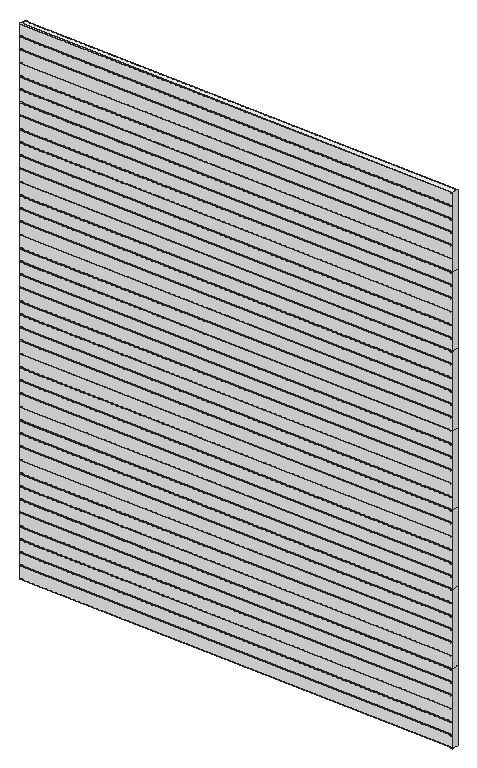
Revit family
Parameters (values of type "By Type")
  Windload = "Doors available rated for various design pressures; consult Clopay for avaialbility and specifications"
  VisSection6 = NumSections = 6  # no
  VisSection5 = NumSections > 4  # yes
  VisSection4 = NumSections > 3  # yes
  VisSection3 = NumSections > 2  # yes
  VisArray = NumSections > 6  # yes
  URL = "www.clopaydoor.com"
  Track = "Galvanized steel (gauge varies according to door size)"
  Thickness = 0' - 2"  # constant formula
  Spec Wizard = "http://www.arcat.com/specwizard/08360clo/index.htm"
  Section Height = Height / NumSections  # 2' - 0"
  Sales Information = "http://www.clopaydoor.com/where-to-buy.aspx?type=dealer"
  Rough Width = 0' - 0"  # constant formula
  Rough Height = 0' - 0"  # constant formula
  R-Value = "17.2"
  Product Features and Benefits = "http://www.clopaydoor.com/insulated-polyurethane-applications.aspx"
  Overlapping Jamb = yes
  Overlap = if(Overlapping Jamb, 0' 1", 0' 0")  # 0' - 1"
  Opening Width = 12' - 0"
  Opening Height = 14' - 0"
  Omniclass Table = "23-30 10 17 37 "
  NumSectionsNotRounded = Height / 2' 0"  # 7
  NumSections = NumSectionsNotRounded + 0.4999  # 7
  NumArraySections = if(NumSections > 6, NumSections - 5, 2)  # 2
  Model = "3720"
  Maximum Size = "Maximum 32' 2'' wide by 26' 0'' high. Additional limitations may apply do to door weight. Consult Clopay for specificiations and shop drawings."  # constant formula
  Manufacturer Website = "http://www.clopaydoor.com"
  Manufacturer Phone Number = "1-800-526-4301"
  Manufacturer Address = "1400 W. Market St., Troy, OH 45373"
  Manufacturer = "Clopay Building Products Company"
  LEED = "http://products.construction.com/swts_content_files/151607/303186.pdf"
  Keynote = "08 36 13"
  Interior Steel = "28 ga. galvanized, primed, and finish painted"
  Hardware = "14 ga. min. steel hinges; 10-ball steel rollers"
  GreenFormat = "http://www.greenformat.com/products/1536-Polyurethane%20Insulated%20Doors.rtf"
  Function = (empty or 0)
  Height = Opening Height + Rough Width * 0  # 14' - 0"
  Wall Closure = (empty or 0)
  Width = Opening Width + Rough Width * 0  # 12' - 0"
  FloorToSection7 = 6 * Section Height  # 12' - 0"
  FloorToSection6 = 5 * Section Height  # 10' - 0"
  FloorToSection5 = 4 * Section Height  # 8' - 0"
  FloorToSection4 = 3 * Section Height  # 6' - 0"
  FloorToSection3 = 2 * Section Height  # 4' - 0"
  FloorToSection2 = Section Height  # 2' - 0"
  File Revision = "02 (August, 2012)"
  Exterior Steel = "27 ga. galvanized, primed, and finish painted"
  Double End Stiles = Door Width > 14' 2"  # no
  Door Width = Opening Width + Overlap * 2  # 12' - 2"
  Door Height = Opening Height + Rough Width * 0  # 14' - 0"
  Description = "2'' thick polyurethane insulated, stucco embossed 27 gauge steel exterior with light ribbed pattern."
  Core Material = "Expanded polyurethane"
  Copyright = "2010, Clopay Building Products Company, Inc."
  Color = White
  CAD and Specifications = "http://www.clopaydoor.com/insulated-polyurethane-specs.aspx"
  Assembly Code = "B2030410"
Reference planes (in)
  plane 1 "Center (Front/Back)": y = 0
  plane 2 "Center (Left/Right)": x = 0
  plane 3 "Left": x = -72
  plane 4 "Right": x = 72
  plane 5 "Top": z = 168
  plane 6 "Exterior": y = 3
  plane 7 "Interior": y = -3
  plane 8: z = 120
  plane 9: z = 144
Lines and regions (in)
  Opening 1
    outline origin (-90, -3, 0) x (1, 0, 0) y (0, 0, 1)
      loop
        line (18, 0) -> (162, 0) -> (162, 168) -> (18, 168) -> (18, 0)
Text (in)
  text "Exterior" at (-74.96733, 27.31104, 0), in view "Ref. Level"
  text "Interior" at (-74.96733, -25.14366, 0), in view "Ref. Level"
  text "Exterior" at (0, 40.15149, 123.01588), in view "Right"
  text "Interior" at (0, -64.39139, 123.01588), in view "Right"
  text "Interior" at (0, -31.01599, 123.00693), in view "Left"
  text "Exterior" at (0, 54.57065, 123.00693), in view "Left"
Dimensions and locks (in)
  equal spacing: plane 3 "Left", plane 2 "Center (Left/Right)", plane 4 "Right"
  "Height": level to plane 5 "Top"
  "Width": plane 3 "Left" to plane 4 "Right"
  host wall to plane 5 "Top" = 14' - 0"
  nested 1 to plane 7 "Interior" = 0' - 0 1/2"
  "FloorToSection6": plane 8 to level
  "FloorToSection7": plane 9 to level
  group 1 to group 2 = 0' - 0"  (x2)
  group 1 to group 2 = 2' - 0"
  host wall to host wall = 67' - 6"
  aligned and locked: plane 3 "Left" to Opening 1 sketch curve
  aligned and locked: plane 5 "Top" to Opening 1 sketch curve  (x2)
  aligned and locked: Opening 1 sketch curve to plane 4 "Right"
  aligned and locked: Opening 1 sketch curve to level
  aligned and locked: plane 6 "Exterior" to host wall
  aligned and locked: host wall to plane 7 "Interior"
  aligned and locked: plane 2 "Center (Left/Right)" to nested 2
  aligned and locked: plane 2 "Center (Left/Right)" to nested 3
  aligned and locked: plane 2 "Center (Left/Right)" to nested 4
  aligned and locked: plane 2 "Center (Left/Right)" to nested 5
  aligned and locked: plane 2 "Center (Left/Right)" to nested 7
  aligned and locked: nested 7 to plane 8
  aligned and locked: nested 8 to plane 9
  aligned and locked: plane 7 "Interior" to nested 2
  aligned and locked: plane 7 "Interior" to nested 7
  aligned and locked: host wall to nested 8
  aligned and locked: plane 7 "Interior" to nested 3
  aligned and locked: host wall to nested 3
  aligned and locked: plane 7 "Interior" to nested 1
  aligned and locked: nested 2 to host wall
  aligned and locked: plane 7 "Interior" to nested 6
  aligned and locked: plane 7 "Interior" to nested 5
  aligned and locked: host wall to nested 7
  aligned and locked: plane 7 "Interior" to nested 4
Nested families (in)
  nested 1: "Section" at (0, 0, 0), type "Solid"
  nested 2: "Section" at (0, 0, 24), built-in parameter 1001364 <- "Section Height", type "Solid"
  nested 3: "Section" at (0, 0, 48), built-in parameter 1001364 <- "FloorToSection3", visible <- "VisSection3", type "Solid"
  nested 4: "Section" at (0, 0, 120), built-in parameter 1001364 <- "FloorToSection6", visible <- "VisSection6", type "Solid"
  nested 5: "Section" at (0, 0, 96), built-in parameter 1001364 <- "FloorToSection5", visible <- "VisSection5", type "Solid"
  nested 6: "Section" at (0, 0, 72), built-in parameter 1001364 <- "FloorToSection4", visible <- "VisSection4", type "Solid"
  nested 7: "Section" at (0, 0, 120), visible <- "VisArray", type "Solid"
  nested 8: "Section" at (0, 0, 144), visible <- "VisArray", type "Solid"
Definition of nested family "Section"
  Parameters (values of type "Solid")
    X9 = if(if(NumArrayedWindows < NumWindows, NumArrayedWindows + 1, NumWindows) < 9, X1, X8 + 3' 8")  # 1' - 5 1/2"
    X8 = if(if(NumArrayedWindows < NumWindows, NumArrayedWindows + 1, NumWindows) < 8, X1, X7 + 3' 8")  # 1' - 5 1/2"
    X7 = if(if(NumArrayedWindows < NumWindows, NumArrayedWindows + 1, NumWindows) < 7, X1, X6 + 3' 8")  # 1' - 5 1/2"
    X6 = if(if(NumArrayedWindows < NumWindows, NumArrayedWindows + 1, NumWindows) < 6, X1, X5 + 3' 8")  # 1' - 5 1/2"
    X5 = if(if(NumArrayedWindows < NumWindows, NumArrayedWindows + 1, NumWindows) < 5, X1, X4 + 3' 8")  # 1' - 5 1/2"
    X4 = if(if(NumArrayedWindows < NumWindows, NumArrayedWindows + 1, NumWindows) < 4, X1, X3 + 3' 8")  # 1' - 5 1/2"
    X3 = if(NumWindows < 3, X1, X2 + 3' 8")  # 8' - 9 1/2"
    X2 = if(NumWindows < 2, ((Door Width - (NumWindows - 1) * 3' 8") / 2 - Cutout Width / 2), ((Door Width - (NumWindows - 1) * 3' 8") / 2 - Cutout Width / 2) + 3' 8")  # 5' - 1 1/2"
    WindowVis = no
    WindowCutDepth = -0' - 0 13/128"
    Section Height = 2' - 0"
    RibSpacing = Section Height / (NumRibs + 1)  # 0' - 4"
    NumWindows = if(Door Width < 9' 4", 2, if(Door Width < 13' 4", 3, if(Door Width < 16' 4", 4, if(Door Width < 20' 4", 5, if(Door Width < 24' 4", 6, if(Door Width < 26' 4", 7, if(Door Width < 31' 8", 8, 10)))))))  # 3
    NumRibs = if(Section Height < 1' 9", 3, if(Section Height < 2' 0", 4, 5))  # 5
    NumArrayedWindows = if(X2 = X1, NumWindows - 2, NumWindows)  # 3
    Half Section Height = Section Height / 2  # 1' - 0"
    Half Door Width Neg = -Half Door Width  # -6' - 1"
    Half Door Width = Door Width / 2  # 6' - 1"
    Half Cutout Height = Cutout Height / 2  # 0' - 3 1/2"
    Function = (empty or 0)
    Height = 0' - 0"
    Wall Closure = (empty or 0)
    Width = 0' - 0"
    X1 = if(or(Door Width > 31' 6", and(Door Width > 26' 2", Door Width < 28' 1"), Door Width = 24' 3", Door Width = 24' 4", and(Door Width > 20' 2", Door Width < 20' 11"), and(Door Width > 16' 2", Door Width < 17' 3")), X2, (Door Width - (NumWindows - 1) * 3' 8") / 2 - Cutout Width / 2)  # 1' - 5 1/2"
    Door Width = 12' - 2"
    CutoutToCutout = 1' - 0"
    Cutout Width = 1' - 11"
    Cutout Height = 0' - 7"
    Color = White
    BtmTo1stRib = RibSpacing  # 0' - 4"
    Assembly Code = ""
  Reference planes (in)
    plane 1 "Center (Front/Back)": y = 0
    plane 2 "Center (Left/Right)": x = 0
    plane 3 "Exterior": y = 3
    plane 4 "Interior": y = -3
    plane 5: y = -3.5
    plane 6: x = 73
    plane 7: x = -73
    plane 8: z = 4
    plane 9: z = 8
    plane 10: z = 24
    plane 11: z = 12
    plane 12: z = 0
  Forms (in)
    Extrusion 1, solid, material "White" <- "Color"
      sketch origin (-73, -12, 83.08252) x (0, 0, 1) y (0, -1, 0)
        loop
          line (-59.08252, -8.37573) -> (-59.08252, -6.62444)
          arc (-59.08252, -6.62444) -> (-59.11897, -6.53645) -> (-59.20696, -6.5) r 0.12444
          line (-59.20696, -6.5) -> (-82.95809, -6.5)
          arc (-82.95809, -6.5) -> (-83.04608, -6.53645) -> (-83.08252, -6.62444) r 0.12444
          line (-83.08252, -6.62444) -> (-83.08252, -8.37573)
          arc (-83.08252, -8.37573) -> (-83.04612, -8.4636) -> (-82.95825, -8.5) r 0.12427
          line (-82.95825, -8.5) -> (-59.20679, -8.5)
          arc (-59.20679, -8.5) -> (-59.11892, -8.4636) -> (-59.08252, -8.37573) r 0.12427
      from 0 to 146 <- "Door Width"
    Extrusion 2, void
      sketch origin (0, 0, -0.5) x (0, -1, 0) y (0, 0, 1)
        loop
          line (3.5, 4.62727) -> (3.5, 4.37273) -> (3.53032, 4.41942)
          arc (3.53032, 4.41942) -> (3.53753, 4.43506) -> (3.54, 4.4521) r 0.06
          line (3.54, 4.4521) -> (3.54, 4.5479)
          arc (3.54, 4.5479) -> (3.53753, 4.56494) -> (3.53032, 4.58058) r 0.06
          line (3.53032, 4.58058) -> (3.5, 4.62727)
      from -73 <- "Half Door Width Neg" to 146 <- "Door Width"
    Extrusion 3, void
      sketch origin (0, 0, 3.5) x (0, -1, 0) y (0, 0, 1)
        loop
          line (3.5, 4.62727) -> (3.5, 4.37273) -> (3.53032, 4.41942)
          arc (3.53032, 4.41942) -> (3.53753, 4.43506) -> (3.54, 4.4521) r 0.06
          line (3.54, 4.4521) -> (3.54, 4.5479)
          arc (3.54, 4.5479) -> (3.53753, 4.56494) -> (3.53032, 4.58058) r 0.06
          line (3.53032, 4.58058) -> (3.5, 4.62727)
      from -73 <- "Half Door Width Neg" to 146 <- "Door Width"
    Extrusion 4, void
      sketch origin (0, 0, 7.5) x (0, -1, 0) y (0, 0, 1)
        loop
          line (3.5, 4.62727) -> (3.5, 4.37273) -> (3.53032, 4.41942)
          arc (3.53032, 4.41942) -> (3.53753, 4.43506) -> (3.54, 4.4521) r 0.06
          line (3.54, 4.4521) -> (3.54, 4.5479)
          arc (3.54, 4.5479) -> (3.53753, 4.56494) -> (3.53032, 4.58058) r 0.06
          line (3.53032, 4.58058) -> (3.5, 4.62727)
      from -73 <- "Half Door Width Neg" to 146 <- "Door Width"
    Extrusion 5, void
      sketch origin (0, -8.99984, -0.5) x (0, 1, 0) y (0, 0, -1)
        loop
          line (3.5, -4.62727) -> (3.53032, -4.58058)
          arc (3.53032, -4.58058) -> (3.53753, -4.56494) -> (3.54, -4.5479) r 0.06
          line (3.54, -4.5479) -> (3.54, -4.4521)
          arc (3.54, -4.4521) -> (3.53753, -4.43506) -> (3.53032, -4.41942) r 0.06
          line (3.53032, -4.41942) -> (3.5, -4.37273) -> (3.5, -4.62727)
      from -73 <- "Half Door Width Neg" to 146 <- "Door Width"
    Extrusion 6, void
      sketch origin (0, -8.99984, 3.5) x (0, 1, 0) y (0, 0, -1)
        loop
          line (3.5, -4.62727) -> (3.53032, -4.58058)
          arc (3.53032, -4.58058) -> (3.53753, -4.56494) -> (3.54, -4.5479) r 0.06
          line (3.54, -4.5479) -> (3.54, -4.4521)
          arc (3.54, -4.4521) -> (3.53753, -4.43506) -> (3.53032, -4.41942) r 0.06
          line (3.53032, -4.41942) -> (3.5, -4.37273) -> (3.5, -4.62727)
      from -73 <- "Half Door Width Neg" to 146 <- "Door Width"
    Extrusion 7, void
      sketch origin (0, -8.99984, 7.5) x (0, 1, 0) y (0, 0, -1)
        loop
          line (3.5, -4.62727) -> (3.53032, -4.58058)
          arc (3.53032, -4.58058) -> (3.53753, -4.56494) -> (3.54, -4.5479) r 0.06
          line (3.54, -4.5479) -> (3.54, -4.4521)
          arc (3.54, -4.4521) -> (3.53753, -4.43506) -> (3.53032, -4.41942) r 0.06
          line (3.53032, -4.41942) -> (3.5, -4.37273) -> (3.5, -4.62727)
      from -73 <- "Half Door Width Neg" to 146 <- "Door Width"
    Extrusion 8, void
      sketch origin (0, 0, 11.5) x (0, -1, 0) y (0, 0, 1)
        loop
          line (3.5, 4.62727) -> (3.5, 4.37273) -> (3.53032, 4.41942)
          arc (3.53032, 4.41942) -> (3.53753, 4.43506) -> (3.54, 4.4521) r 0.06
          line (3.54, 4.4521) -> (3.54, 4.5479)
          arc (3.54, 4.5479) -> (3.53753, 4.56494) -> (3.53032, 4.58058) r 0.06
          line (3.53032, 4.58058) -> (3.5, 4.62727)
      from -73 <- "Half Door Width Neg" to 146 <- "Door Width"
    Extrusion 9, void
      sketch origin (0, -8.99984, 11.5) x (0, 1, 0) y (0, 0, -1)
        loop
          line (3.5, -4.62727) -> (3.53032, -4.58058)
          arc (3.53032, -4.58058) -> (3.53753, -4.56494) -> (3.54, -4.5479) r 0.06
          line (3.54, -4.5479) -> (3.54, -4.4521)
          arc (3.54, -4.4521) -> (3.53753, -4.43506) -> (3.53032, -4.41942) r 0.06
          line (3.53032, -4.41942) -> (3.5, -4.37273) -> (3.5, -4.62727)
      from -73 <- "Half Door Width Neg" to 146 <- "Door Width"
    Extrusion 10, void
      sketch origin (0, 0, 15.5) x (0, -1, 0) y (0, 0, 1)
        loop
          line (3.5, 4.62727) -> (3.5, 4.37273) -> (3.53032, 4.41942)
          arc (3.53032, 4.41942) -> (3.53753, 4.43506) -> (3.54, 4.4521) r 0.06
          line (3.54, 4.4521) -> (3.54, 4.5479)
          arc (3.54, 4.5479) -> (3.53753, 4.56494) -> (3.53032, 4.58058) r 0.06
          line (3.53032, 4.58058) -> (3.5, 4.62727)
      from -73 <- "Half Door Width Neg" to 146 <- "Door Width"
    Extrusion 11, void
      sketch origin (0, -8.99984, 15.5) x (0, 1, 0) y (0, 0, -1)
        loop
          line (3.5, -4.62727) -> (3.53032, -4.58058)
          arc (3.53032, -4.58058) -> (3.53753, -4.56494) -> (3.54, -4.5479) r 0.06
          line (3.54, -4.5479) -> (3.54, -4.4521)
          arc (3.54, -4.4521) -> (3.53753, -4.43506) -> (3.53032, -4.41942) r 0.06
          line (3.53032, -4.41942) -> (3.5, -4.37273) -> (3.5, -4.62727)
      from -73 <- "Half Door Width Neg" to 146 <- "Door Width"
  Cuts and joins
    Extrusion 2, Extrusion 3, Extrusion 4, Extrusion 5, Extrusion 6, Extrusion 7, Extrusion 8, Extrusion 9, Extrusion 10, Extrusion 11 cuts Extrusion 1
  Lines and regions (in)
    reference lines
      curve 1: line (-72, -3.54, 4) -> (-72, -3.5, 4)
      curve 2: line (-72, -5.45984, 4) -> (-72, -5.49984, 4)
      curve 3: line (-72, -3.54, 8) -> (-72, -3.5, 8)
      curve 4: line (-72, -3.54, 12) -> (-72, -3.5, 12)
      curve 5: line (-72, -5.45984, 4) -> (-72, -5.49984, 4)
      curve 6: line (-72, -5.45984, 8) -> (-72, -5.49984, 8)
      curve 7: line (-72, -5.45984, 12) -> (-72, -5.49984, 12)
      curve 8: line (-72, -3.54, 16) -> (-72, -3.5, 16)
      curve 9: line (-72, -5.45984, 16) -> (-72, -5.49984, 16)
      curve 10: line (-72, -3.54, 20) -> (-72, -3.5, 20)
      curve 11: line (-72, -5.45984, 20) -> (-72, -5.49984, 20)
  Text (in)
    text "Exterior" at (-74.96733, 27.31104, 0), in view "Ref. Level"
    text "Interior" at (-74.96733, -25.14366, 0), in view "Ref. Level"
    text "Exterior" at (0, 40.15149, 123.01588), in view "Right"
    text "Interior" at (0, -64.39139, 123.01588), in view "Right"
    text "Interior" at (0, -31.01599, 123.00693), in view "Left"
    text "Exterior" at (0, 54.57065, 123.00693), in view "Left"
  Dimensions and locks (in)
    plane 4 "Interior" to plane 5 = 0' - 0 1/2"
    "Half Door Width": plane 2 "Center (Left/Right)" to plane 7
    "Half Door Width": plane 6 to plane 2 "Center (Left/Right)"
    Extrusion 1 sketch curve to Extrusion 1 sketch curve = 0' - 2"
    Extrusion 2 sketch curve to Extrusion 2 sketch curve = 0' - 0.25454"
    Extrusion 2 sketch curve to Extrusion 2 sketch curve = 0' - 0.04"  (x2)
    "BtmTo1stRib": plane 8 to level
    curve 1 to Extrusion 2 sketch curve = 0' - 0.12727"
    "RibSpacing": plane 9 to plane 8
    "Section Height": plane 10 to level
    Extrusion 3 sketch curve to Extrusion 3 sketch curve = 0' - 0.25454"
    Extrusion 3 sketch curve to Extrusion 3 sketch curve = 0' - 0.04"  (x2)
    curve 3 to Extrusion 3 sketch curve = 0' - 0.12727"
    equal spacing: group 1, group 2, group 3, group 4, group 5  (x3)
    Extrusion 4 sketch curve to Extrusion 4 sketch curve = 0' - 0.25454"
    Extrusion 4 sketch curve to Extrusion 4 sketch curve = 0' - 0.04"  (x2)
    curve 4 to Extrusion 4 sketch curve = 0' - 0.12727"
    Extrusion 5 sketch curve to Extrusion 5 sketch curve = 0' - 0.25454"
    Extrusion 5 sketch curve to Extrusion 5 sketch curve = 0' - 0.04"  (x2)
    Extrusion 5 sketch curve to curve 5 = 0' - 0.12727"
    Extrusion 6 sketch curve to Extrusion 6 sketch curve = 0' - 0.25454"
    Extrusion 6 sketch curve to Extrusion 6 sketch curve = 0' - 0.04"  (x2)
    Extrusion 6 sketch curve to curve 6 = 0' - 0.12727"
    Extrusion 7 sketch curve to Extrusion 7 sketch curve = 0' - 0.25454"
    Extrusion 7 sketch curve to Extrusion 7 sketch curve = 0' - 0.04"  (x2)
    Extrusion 7 sketch curve to curve 7 = 0' - 0.12727"
    "Half Section Height": level to plane 11
    Extrusion 8 sketch curve to Extrusion 8 sketch curve = 0' - 0.25454"
    Extrusion 8 sketch curve to Extrusion 8 sketch curve = 0' - 0.04"  (x2)
    curve 8 to Extrusion 8 sketch curve = 0' - 0.12727"
    Extrusion 9 sketch curve to Extrusion 9 sketch curve = 0' - 0.25454"
    Extrusion 9 sketch curve to Extrusion 9 sketch curve = 0' - 0.04"  (x2)
    Extrusion 9 sketch curve to curve 9 = 0' - 0.12727"
    Extrusion 10 sketch curve to Extrusion 10 sketch curve = 0' - 0.25454"
    Extrusion 10 sketch curve to Extrusion 10 sketch curve = 0' - 0.04"  (x2)
    curve 10 to Extrusion 10 sketch curve = 0' - 0.12727"
    Extrusion 11 sketch curve to Extrusion 11 sketch curve = 0' - 0.25454"
    Extrusion 11 sketch curve to Extrusion 11 sketch curve = 0' - 0.04"  (x2)
    Extrusion 11 sketch curve to curve 11 = 0' - 0.12727"
    locked: plane 4 "Interior" to cut or joined group 1 (Extrusion 1, Extrusion 2, Extrusion 3, Extrusion 4, Extrusion 5, Extrusion 6, Extrusion 7, Extrusion 8, Extrusion 9, Extrusion 10, Extrusion 11) at 0.5
    radius of Extrusion 1 sketch curve = 0' - 0.12427"  (x2)
    radius of Extrusion 1 sketch curve = 0' - 0.12444"  (x2)
    angle Extrusion 2 sketch curve to Extrusion 2 sketch curve = 147.00°  (x2)
    angle Extrusion 3 sketch curve to Extrusion 3 sketch curve = 147.00°  (x2)
    angle Extrusion 4 sketch curve to Extrusion 4 sketch curve = 147.00°  (x2)
    angle Extrusion 5 sketch curve to Extrusion 5 sketch curve = 147.00°  (x2)
    angle Extrusion 6 sketch curve to Extrusion 6 sketch curve = 147.00°  (x2)
    angle Extrusion 7 sketch curve to Extrusion 7 sketch curve = 147.00°  (x2)
    angle Extrusion 8 sketch curve to Extrusion 8 sketch curve = 147.00°  (x2)
    angle Extrusion 9 sketch curve to Extrusion 9 sketch curve = 147.00°  (x2)
    angle Extrusion 10 sketch curve to Extrusion 10 sketch curve = 147.00°  (x2)
    angle Extrusion 11 sketch curve to Extrusion 11 sketch curve = 147.00°  (x2)
    aligned and locked: Extrusion 1 sketch curve to plane 5
    aligned and locked: plane 8 to curve 1
    aligned and locked: plane 9 to curve 3
    aligned: cut or joined group 1 to cut or joined group 1  (x9)
    aligned and locked: plane 12 to level
  Automatic sketch dimensions
    curve 2 to curve 1 = 0' - 1.91984"
    curve 1 to curve 1 = 0' - 0.04"  (x2)
    curve 1 to curve 2 = 0' - 1.91984"
    curve 2 to curve 2 = 0' - 0.04"  (x2)
    Extrusion 2 sketch curve to Extrusion 2 sketch curve = 0' - 0"
    Extrusion 2 sketch curve to Extrusion 2 sketch curve = 0' - 0.02"
    Extrusion 2 sketch curve to Extrusion 2 sketch curve = 0' - 0.00968"  (x2)
    curve 5 to curve 1 = 0' - 0"
    curve 1 to curve 5 = 0' - 1.91984"
    curve 5 to curve 5 = 0' - 0.04"
    Extrusion 5 sketch curve to Extrusion 5 sketch curve = 0' - 0"
    Extrusion 5 sketch curve to Extrusion 5 sketch curve = 0' - 0.02"
    Extrusion 5 sketch curve to Extrusion 5 sketch curve = 0' - 0.00968"  (x2)
    Extrusion 3 sketch curve to Extrusion 3 sketch curve = 0' - 0"
    Extrusion 3 sketch curve to Extrusion 3 sketch curve = 0' - 0.02"
    Extrusion 3 sketch curve to Extrusion 3 sketch curve = 0' - 0.00968"  (x2)
    curve 6 to curve 3 = 0' - 0"
    curve 3 to curve 3 = 0' - 0.04"
    curve 3 to curve 6 = 0' - 1.91984"
    curve 6 to curve 6 = 0' - 0.04"
    Extrusion 4 sketch curve to Extrusion 4 sketch curve = 0' - 0"
    Extrusion 4 sketch curve to Extrusion 4 sketch curve = 0' - 0.02"
    Extrusion 4 sketch curve to Extrusion 4 sketch curve = 0' - 0.00968"  (x2)
    curve 7 to curve 4 = 0' - 0"
    curve 4 to curve 4 = 0' - 0.04"
    curve 4 to curve 7 = 0' - 1.91984"
    curve 7 to curve 7 = 0' - 0.04"
    Extrusion 7 sketch curve to Extrusion 7 sketch curve = 0' - 0.00968"
    Extrusion 6 sketch curve to Extrusion 6 sketch curve = 0' - 0.00968"
    curve 2 to plane 8 = 0' - 0"
    curve 2 to plane 5 = 0' - 1.95984"
    Extrusion 1 sketch curve to plane 10 = 0' - 0"
    Extrusion 1 sketch curve to level = 0' - 0"
    Extrusion 8 sketch curve to Extrusion 8 sketch curve = 0' - 0"
    Extrusion 8 sketch curve to Extrusion 8 sketch curve = 0' - 0.02"
    Extrusion 8 sketch curve to Extrusion 8 sketch curve = 0' - 0.00968"  (x2)
    curve 9 to curve 8 = 0' - 0"
    curve 8 to curve 8 = 0' - 0.04"
    curve 8 to curve 9 = 0' - 1.91984"
    curve 9 to curve 9 = 0' - 0.04"
    Extrusion 9 sketch curve to Extrusion 9 sketch curve = 0' - 0"
    Extrusion 9 sketch curve to Extrusion 9 sketch curve = 0' - 0.02"
    Extrusion 9 sketch curve to Extrusion 9 sketch curve = 0' - 0.00968"  (x2)
    Extrusion 10 sketch curve to Extrusion 10 sketch curve = 0' - 0"
    Extrusion 10 sketch curve to Extrusion 10 sketch curve = 0' - 0.02"
    Extrusion 10 sketch curve to Extrusion 10 sketch curve = 0' - 0.00968"  (x2)
    curve 11 to curve 10 = 0' - 0"
    curve 10 to curve 10 = 0' - 0.04"
    curve 10 to curve 11 = 0' - 1.91984"
    curve 11 to curve 11 = 0' - 0.04"
    Extrusion 11 sketch curve to Extrusion 11 sketch curve = 0' - 0"
    Extrusion 11 sketch curve to Extrusion 11 sketch curve = 0' - 0.02"
    Extrusion 11 sketch curve to Extrusion 11 sketch curve = 0' - 0.00968"  (x2)
